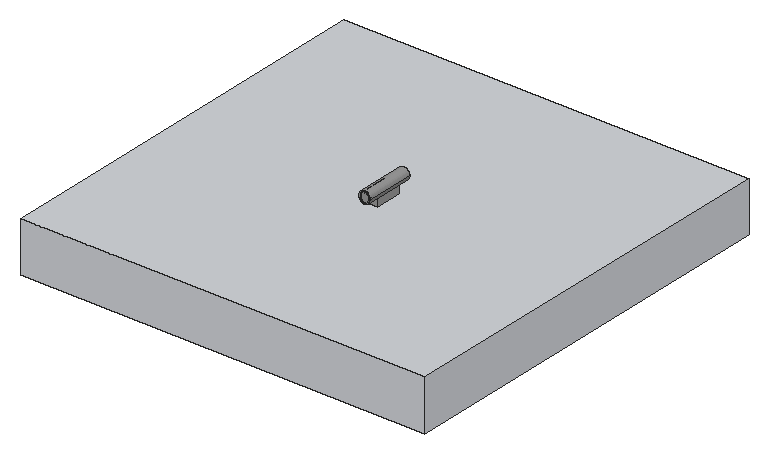
Revit family "LAMP_LUP WALL 70 DIRECT", category Luminarias, Revit 2018 (continued)
Types (2, lengths in mm): name | built-in parameter 1150107 | Product datasheet | Product code | built-in parameter 1150142 | built-in parameter 1150105 | built-in parameter 1150106 | Lumens | built-in parameter 1150104 | Efficacy | Archivo de red fotométrica
    .02 595.30 569.77 541.84 511.18 484.66 462.31 \r\n442.41 419.85 392.46 343.32 284.48 217.06 142.64 86.02 \r\n49.18 37.38 30.07 25.66 22.06 18.48 14.85 11.66 9.17 7.40 \r\n6.09 4.95 3.96 3.19 2.49 1.85 1.33 0.89 0.56 0.32 0.19 \r\n0.00 0.00 0.00 0.00 0.00 0.00 0.00 0.00 0.00 0.00 0.00 \r\n0.00 0.00 0.00 0.00 0.00 0.00 0.00 0.00 0.00 0.00 0.00 \r\n0.00 0.00 0.00 0.00 0.00 0.00 0.00 0.00 0.00 0.00 0.00 \r\n0.00 0.00 0.00 0.00 0.00 0.00 0.00 0.00 0.00 0.00 0.00 \r\n0.00 0.00 \r\n482.70 534.12 574.81 610.19 635.33 654.03 665.37 665.40 \r\n655.20 637.42 613.56 586.00 556.13 523.12 494.55 471.12 \r\n450.83 428.97 403.91 355.76 297.14 229.11 151.99 92.02 \r\n51.66 38.76 30.95 26.52 22.91 19.25 15.49 12.11 9.47 7.58 \r\n6.22 5.05 4.03 3.24 2.52 1.86 1.34 0.90 0.56 0.32 0.19 \r\n0.00 0.00 0.00 0.00 0.00 0.00 0.00 0.00 0.00 0.00 0.00 \r\n0.00 0.00 0.00 0.00 0.00 0.00 0.00 0.00 0.00 0.00 0.00 \r\n0.00 0.00 0.00 0.00 0.00 0.00 0.00 0.00 0.00 0.00 0.00 \r\n0.00 0.00 0.00 0.00 0.00 0.00 0.00 0.00 0.00 0.00 0.00 \r\n0.00 0.00 \r\n482.70 537.52 581.32 619.94 649.91 671.33 685.39 686.58 \r\n677.96 660.33 635.83 607.90 576.17 540.07 508.83 483.13 \r\n461.40 438.62 413.22 367.08 309.82 242.60 164.02 101.60 \r\n57.91 41.64 31.98 27.15 23.59 19.97 16.23 12.76 9.98 7.93 \r\n6.44 5.18 4.12 3.30 2.56 1.88 1.35 0.90 0.56 0.32 0.19 \r\n0.00 0.00 0.00 0.00 0.00 0.00 0.00 0.00 0.00 0.00 0.00 \r\n0.00 0.00 0.00 0.00 0.00 0.00 0.00 0.00 0.00 0.00 0.00 \r\n0.00 0.00 0.00 0.00 0.00 0.00 0.00 0.00 0.00 0.00 0.00 \r\n0.00 0.00 0.00 0.00 0.00 0.00 0.00 0.00 0.00 0.00 0.00 \r\n0.00 0.00 \r\n482.70 540.88 587.78 629.47 664.53 690.30 707.14 709.77 \r\n702.42 685.72 661.51 632.53 599.53 559.72 525.12 496.83 \r\n472.78 448.56 422.54 378.26 322.63 256.20 176.38 111.57 \r\n64.48 44.75 33.01 27.76 24.25 20.69 16.97 13.41 10.51 \r\n8.32 6.68 5.32 4.19 3.36 2.60 1.93 1.37 0.92 0.56 0.33 \r\n0.19 0.00 0.00 0.00 0.00 0.00 0.00 0.00 0.00 0.00 0.00 \r\n0.00 0.00 0.00 0.00 0.00 0.00 0.00 0.00 0.00 0.00 0.00 \r\n0.00 0.00 0.00 0.00 0.00 0.00 0.00 0.00 0.00 0.00 0.00 \r\n0.00 0.00 0.00 0.00 0.00 0.00 0.00 0.00 0.00 0.00 0.00 \r\n0.00 0.00 0.00 \r\n482.70 544.18 594.15 638.97 679.20 709.39 729.72 733.54 \r\n727.35 711.82 687.12 657.00 621.88 578.90 541.00 509.99 \r\n483.82 458.38 432.60 389.50 335.35 270.40 188.81 121.65 \r\n71.19 47.84 34.06 28.38 24.91 21.41 17.71 14.07 11.04 \r\n8.64 6.91 5.46 4.29 3.42 2.65 1.95 1.39 0.93 0.56 0.33 \r\n0.19 0.00 0.00 0.00 0.00 0.00 0.00 0.00 0.00 0.00 0.00 \r\n0.00 0.00 0.00 0.00 0.00 0.00 0.00 0.00 0.00 0.00 0.00 \r\n0.00 0.00 0.00 0.00 0.00 0.00 0.00 0.00 0.00 0.00 0.00 \r\n0.00 0.00 0.00 0.00 0.00 0.00 0.00 0.00 0.00 0.00 0.00 \r\n0.00 0.00 0.00 \r\n482.70 547.40 600.46 648.46 693.88 728.56 752.05 756.91 \r\n751.90 737.09 712.61 682.25 644.97 598.04 557.32 523.50 \r\n494.86 468.20 442.38 400.77 348.05 283.87 201.20 131.62 \r\n77.32 50.94 35.09 28.99 25.57 22.13 18.46 14.73 11.58 \r\n9.05 7.15 5.60 4.36 3.48 2.69 1.97 1.41 0.94 0.57 0.34 \r\n0.19 0.00 0.00 0.00 0.00 0.00 0.00 0.00 0.00 0.00 0.00 \r\n0.00 0.00 0.00 0.00 0.00 0.00 0.00 0.00 0.00 0.00 0.00 \r\n0.00 0.00 0.00 0.00 0.00 0.00 0.00 0.00 0.00 0.00 0.00 \r\n0.00 0.00 0.00 0.00 0.00 0.00 0.00 0.00 0.00 0.00 0.00 \r\n0.00 0.00 0.00 \r\n482.70 550.54 606.68 657.92 708.34 747.42 772.65 779.99 \r\n776.78 763.78 738.47 706.19 667.78 617.44 573.02 537.01 \r\n506.10 478.14 451.42 412.02 360.74 297.18 213.59 141.60 \r\n83.66 53.96 36.16 29.50 26.23 22.85 19.20 15.40 12.11 \r\n9.43 7.38 5.74 4.46 3.54 2.73 2.01 1.43 0.95 0.58 0.34 \r\n0.20 0.00 0.00 0.00 0.00 0.00 0.00 0.00 0.00 0.00 0.00 \r\n0.00 0.00 0.00 0.00 0.00 0.00 0.00 0.00 0.00 0.00 0.00 \r\n0.00 0.00 0.00 0.00 0.00 0.00 0.00 0.00 0.00 0.00 0.00 \r\n0.00 0.00 0.00 0.00 0.00 0.00 0.00 0.00 0.00 0.00 0.00 \r\n0.00 0.00 0.00 \r\n482.70 553.61 612.80 667.44 723.39 766.15 794.50 803.86 \r\n801.63 788.55 763.66 731.76 690.37 636.86 589.19 549.86 \r\n517.24 488.03 460.82 423.25 373.43 310.79 225.98 151.56 \r\n91.02 57.04 37.18 30.19 26.89 23.56 19.93 16.06 12.65 \r\n9.80 7.62 5.88 4.55 3.60 2.77 2.04 1.45 0.96 0.59 0.34 \r\n0.20 0.00 0.00 0.00 0.00 0.00 0.00 0.00 0.00 0.00 0.00 \r\n0.00 0.00 0.00 0.00 0.00 0.00 0.00 0.00 0.00 0.00 0.00 \r\n0.00 0.00 0.00 0.00 0.00 0.00 0.00 0.00 0.00 0.00 0.00 \r\n0.00 0.00 0.00 0.00 0.00 0.00 0.00 0.00 0.00 0.00 0.00 \r\n0.00 0.00 0.00 \r\n482.70 556.58 618.83 677.51 738.39 785.34 817.60 828.79 \r\n827.82 814.83 791.06 755.63 713.94 655.63 605.48 563.48 \r\n528.35 497.85 470.35 434.48 386.13 324.52 238.33 161.69 \r\n97.63 60.15 38.23 30.64 27.54 24.29 20.67 16.72 13.18 \r\n10.17 7.85 6.01 4.61 3.67 2.82 2.07 1.47 0.98 0.60 0.34 \r\n0.20 0.00 0.00 0.00 0.00 0.00 0.00 0.00 0.00 0.00 0.00 \r\n0.00 0.00 0.00 0.00 0.00 0.00 0.00 0.00 0.00 0.00 0.00 \r\n0.00 0.00 0.00 0.00 0.00 0.00 0.00 0.00 0.00 0.00 0.00 \r\n0.00 0.00 0.00 0.00 0.00 0.00 0.00 0.00 0.00 0.00 0.00 \r\n0.00 0.00 0.00 \r\n482.70 559.48 624.62 687.47 753.30 805.07 841.66 856.98 \r\n860.00 849.65 826.42 791.99 746.32 685.65 629.17 583.72 \r\n544.99 511.10 481.75 446.14 398.31 337.19 249.91 171.47 \r\n104.47 63.78 39.71 31.11 28.05 24.86 21.33 17.35 13.74 \r\n10.62 8.16 6.20 4.71 3.73 2.86 2.09 1.49 0.99 0.60 0.35 \r\n0.20 0.00 0.00 0.00 0.00 0.00 0.00 0.00 0.00 0.00 0.00 \r\n0.00 0.00 0.00 0.00 0.00 0.00 0.00 0.00 0.00 0.00 0.00 \r\n0.00 0.00 0.00 0.00 0.00 0.00 0.00 0.00 0.00 0.00 0.00 \r\n0.00 0.00 0.00 0.00 0.00 0.00 0.00 0.00 0.00 0.00 0.00 \r\n0.00 0.00 0.00 \r\n482.70 562.28 630.41 697.31 768.11 825.32 866.75 888.72 \r\n897.46 893.23 871.80 836.69 791.70 723.58 662.65 610.27 \r\n566.34 528.00 495.00 458.23 409.95 348.80 260.92 180.84 \r\n111.87 68.14 41.73 31.71 28.40 25.31 21.88 17.95 14.33 \r\n11.15 8.55 6.45 4.86 3.80 2.89 2.11 1.50 1.00 0.62 0.35 \r\n0.21 0.00 0.00 0.00 0.00 0.00 0.00 0.00 0.00 0.00 0.00 \r\n0.00 0.00 0.00 0.00 0.00 0.00 0.00 0.00 0.00 0.00 0.00 \r\n0.00 0.00 0.00 0.00 0.00 0.00 0.00 0.00 0.00 0.00 0.00 \r\n0.00 0.00 0.00 0.00 0.00 0.00 0.00 0.00 0.00 0.00 0.00 \r\n0.00 0.00 0.00 \r\n482.70 564.98 636.07 706.90 782.82 846.02 893.11 921.68 \r\n936.54 938.95 917.18 883.90 834.35 762.63 695.82 636.74 \r\n587.81 545.09 508.29 470.34 421.60 360.51 271.89 190.33 \r\n118.48 72.42 43.69 31.91 28.75 25.75 22.45 18.54 14.92 \r\n11.69 8.94 6.70 4.98 3.86 2.93 2.13 1.51 1.01 0.62 0.36 \r\n0.21 0.00 0.00 0.00 0.00 0.00 0.00 0.00 0.00 0.00 0.00 \r\n0.00 0.00 0.00 0.00 0.00 0.00 0.00 0.00 0.00 0.00 0.00 \r\n0.00 0.00 0.00 0.00 0.00 0.00 0.00 0.00 0.00 0.00 0.00 \r\n0.00 0.00 0.00 0.00 0.00 0.00 0.00 0.00 0.00 0.00 0.00 \r\n0.00 0.00 0.00 \r\n482.70 567.59 641.59 716.30 797.43 866.59 920.67 954.92 \r\n975.83 981.19 963.51 928.78 880.29 801.52 728.13 663.98 \r\n609.42 562.23 521.50 482.44 433.23 372.65 282.78 199.82 \r\n125.97 76.73 45.68 32.57 29.10 26.20 23.02 19.13 15.50 \r\n12.20 9.33 6.94 5.06 3.93 2.96 2.14 1.53 1.02 0.63 0.37 \r\n0.21 0.00 0.00 0.00 0.00 0.00 0.00 0.00 0.00 0.00 0.00 \r\n0.00 0.00 0.00 0.00 0.00 0.00 0.00 0.00 0.00 0.00 0.00 \r\n0.00 0.00 0.00 0.00 0.00 0.00 0.00 0.00 0.00 0.00 0.00 \r\n0.00 0.00 0.00 0.00 0.00 0.00 0.00 0.00 0.00 0.00 0.00 \r\n0.00 0.00 0.00 \r\n482.70 570.09 646.98 725.49 812.29 886.93 946.60 988.16 \r\n1015.06 1025.28 1009.29 975.45 922.55 840.12 761.55 \r\n690.75 630.73 579.13 534.68 494.53 444.85 384.56 293.67 \r\n209.21 133.59 81.07 47.62 33.00 29.45 26.63 23.56 19.72 \r\n16.09 12.71 9.71 7.19 5.23 4.00 3.00 2.18 1.54 1.03 0.62 \r\n0.37 0.22 0.00 0.00 0.00 0.00 0.00 0.00 0.00 0.00 0.00 \r\n0.00 0.00 0.00 0.00 0.00 0.00 0.00 0.00 0.00 0.00 0.00 \r\n0.00 0.00 0.00 0.00 0.00 0.00 0.00 0.00 0.00 0.00 0.00 \r\n0.00 0.00 0.00 0.00 0.00 0.00 0.00 0.00 0.00 0.00 0.00 \r\n0.00 0.00 0.00 0.00 \r\n482.70 572.50 652.21 734.48 826.90 907.30 972.11 1021.23 \r\n1054.14 1070.62 1055.28 1021.13 969.37 878.79 794.22 \r\n717.52 652.09 596.06 548.07 506.61 456.45 395.19 304.65 \r\n218.74 140.85 85.33 49.59 33.32 29.81 27.08 24.09 20.32 \r\n16.68 13.26 10.10 7.44 5.29 4.06 3.04 2.20 1.55 1.04 0.64 \r\n0.38 0.22 0.00 0.00 0.00 0.00 0.00 0.00 0.00 0.00 0.00 \r\n0.00 0.00 0.00 0.00 0.00 0.00 0.00 0.00 0.00 0.00 0.00 \r\n0.00 0.00 0.00 0.00 0.00 0.00 0.00 0.00 0.00 0.00 0.00 \r\n0.00 0.00 0.00 0.00 0.00 0.00 0.00 0.00 0.00 0.00 0.00 \r\n0.00 0.00 0.00 0.00 \r\n482.70 574.80 657.28 743.24 841.22 927.67 998.35 1054.42 \r\n1093.30 1113.39 1101.53 1066.97 1010.20 917.99 827.53 \r\n743.77 673.84 613.11 561.28 518.69 468.08 406.82 315.52 \r\n228.13 148.06 89.62 51.56 33.78 30.15 27.52 24.64 20.92 \r\n17.26 13.79 10.49 7.69 5.47 4.13 3.07 2.20 1.57 1.05 0.66 \r\n0.39 0.23 0.00 0.00 0.00 0.00 0.00 0.00 0.00 0.00 0.00 \r\n0.00 0.00 0.00 0.00 0.00 0.00 0.00 0.00 0.00 0.00 0.00 \r\n0.00 0.00 0.00 0.00 0.00 0.00 0.00 0.00 0.00 0.00 0.00 \r\n0.00 0.00 0.00 0.00 0.00 0.00 0.00 0.00 0.00 0.00 0.00 \r\n0.00 0.00 0.00 0.00 \r\n482.70 576.94 662.19 752.06 855.24 947.08 1024.38 1087.81 \r\n1133.43 1158.33 1149.69 1116.42 1057.98 958.98 861.79 \r\n772.03 696.03 630.74 574.78 530.75 479.55 417.90 326.17 \r\n237.44 155.27 94.01 53.69 34.45 30.56 28.00 25.24 21.51 \r\n17.85 14.32 10.88 7.94 5.58 4.20 3.11 2.23 1.59 1.06 0.67 \r\n0.39 0.23 0.00 0.00 0.00 0.00 0.00 0.00 0.00 0.00 0.00 \r\n0.00 0.00 0.00 0.00 0.00 0.00 0.00 0.00 0.00 0.00 0.00 \r\n0.00 0.00 0.00 0.00 0.00 0.00 0.00 0.00 0.00 0.00 0.00 \r\n0.00 0.00 0.00 0.00 0.00 0.00 0.00 0.00 0.00 0.00 0.00 \r\n0.00 0.00 0.00 0.00 \r\n482.70 578.90 666.92 760.72 867.65 964.97 1050.15 1121.48 \r\n1174.30 1207.41 1200.33 1168.34 1111.63 1006.68 903.09 \r\n804.55 722.67 651.15 591.12 543.39 490.08 428.05 334.94 \r\n245.22 161.95 99.20 57.02 35.60 31.39 28.69 25.89 22.13 \r\n18.44 14.86 11.31 8.26 5.72 4.29 3.15 2.26 1.60 1.07 0.68 \r\n0.40 0.23 0.00 0.00 0.00 0.00 0.00 0.00 0.00 0.00 0.00 \r\n0.00 0.00 0.00 0.00 0.00 0.00 0.00 0.00 0.00 0.00 0.00 \r\n0.00 0.00 0.00 0.00 0.00 0.00 0.00 0.00 0.00 0.00 0.00 \r\n0.00 0.00 0.00 0.00 0.00 0.00 0.00 0.00 0.00 0.00 0.00 \r\n0.00 0.00 0.00 0.00 \r\n482.70 580.77 671.48 768.73 879.61 982.85 1075.93 1155.39 \r\n1215.50 1254.94 1253.41 1224.17 1163.95 1056.58 946.06 \r\n840.67 749.82 672.27 607.22 556.05 500.34 438.20 343.50 \r\n252.77 168.47 104.42 60.56 35.80 32.29 29.42 26.53 22.77 \r\n19.02 15.40 11.77 8.58 5.99 4.39 3.19 2.27 1.61 1.08 0.69 \r\n0.40 0.24 0.00 0.00 0.00 0.00 0.00 0.00 0.00 0.00 0.00 \r\n0.00 0.00 0.00 0.00 0.00 0.00 0.00 0.00 0.00 0.00 0.00 \r\n0.00 0.00 0.00 0.00 0.00 0.00 0.00 0.00 0.00 0.00 0.00 \r\n0.00 0.00 0.00 0.00 0.00 0.00 0.00 0.00 0.00 0.00 0.00 \r\n0.00 0.00 0.00 0.00 \r\n482.70 582.52 675.41 776.49 891.20 1000.64 1100.82 \r\n1189.03 1256.98 1300.51 1306.37 1279.96 1221.67 1106.89 \r\n989.40 874.70 777.20 693.38 623.84 568.66 510.63 446.29 \r\n352.18 260.49 174.64 109.66 64.03 37.96 33.17 30.15 27.26 \r\n23.39 19.62 15.95 12.20 8.90 6.16 4.49 3.23 2.28 1.62 \r\n1.09 0.69 0.41 0.24 0.00 0.00 0.00 0.00 0.00 0.00 0.00 \r\n0.00 0.00 0.00 0.00 0.00 0.00 0.00 0.00 0.00 0.00 0.00 \r\n0.00 0.00 0.00 0.00 0.00 0.00 0.00 0.00 0.00 0.00 0.00 \r\n0.00 0.00 0.00 0.00 0.00 0.00 0.00 0.00 0.00 0.00 0.00 \r\n0.00 0.00 0.00 0.00 0.00 0.00 \r\n482.70 584.16 678.96 783.94 902.40 1018.09 1125.49 \r\n1222.83 1298.46 1347.87 1359.23 1335.23 1278.07 1157.03 \r\n1032.58 910.16 804.39 714.49 639.92 581.26 520.99 456.09 \r\n360.72 268.18 180.82 114.99 67.51 39.51 34.06 30.87 27.87 \r\n24.02 20.20 16.48 12.65 9.24 6.25 4.59 3.27 2.28 1.63 \r\n1.10 0.70 0.41 0.24 0.00 0.00 0.00 0.00 0.00 0.00 0.00 \r\n0.00 0.00 0.00 0.00 0.00 0.00 0.00 0.00 0.00 0.00 0.00 \r\n0.00 0.00 0.00 0.00 0.00 0.00 0.00 0.00 0.00 0.00 0.00 \r\n0.00 0.00 0.00 0.00 0.00 0.00 0.00 0.00 0.00 0.00 0.00 \r\n0.00 0.00 0.00 0.00 0.00 0.00 \r\n482.70 585.69 682.31 791.10 913.14 1035.42 1150.44 \r\n1256.76 1340.15 1397.32 1412.19 1390.80 1329.00 1206.87 \r\n1075.53 945.25 831.66 735.61 656.80 593.87 531.18 465.61 \r\n369.22 275.72 188.16 120.33 71.06 40.01 34.94 31.60 28.56 \r\n24.65 20.79 17.03 13.11 9.55 6.53 4.68 3.31 2.32 1.64 \r\n1.11 0.70 0.42 0.24 0.00 0.00 0.00 0.00 0.00 0.00 0.00 \r\n0.00 0.00 0.00 0.00 0.00 0.00 0.00 0.00 0.00 0.00 0.00 \r\n0.00 0.00 0.00 0.00 0.00 0.00 0.00 0.00 0.00 0.00 0.00 \r\n0.00 0.00 0.00 0.00 0.00 0.00 0.00 0.00 0.00 0.00 0.00 \r\n0.00 0.00 0.00 0.00 0.00 0.00 \r\n482.70 587.11 685.46 797.93 923.09 1052.69 1173.97 \r\n1290.57 1381.05 1447.38 1465.27 1446.36 1384.96 1256.95 \r\n1118.60 978.83 858.93 756.79 672.07 606.53 541.58 474.55 \r\n377.90 283.40 194.11 125.55 74.48 42.11 35.83 32.33 29.25 \r\n25.28 21.38 17.58 13.55 9.88 6.77 4.78 3.35 2.35 1.65 \r\n1.12 0.71 0.43 0.24 0.00 0.00 0.00 0.00 0.00 0.00 0.00 \r\n0.00 0.00 0.00 0.00 0.00 0.00 0.00 0.00 0.00 0.00 0.00 \r\n0.00 0.00 0.00 0.00 0.00 0.00 0.00 0.00 0.00 0.00 0.00 \r\n0.00 0.00 0.00 0.00 0.00 0.00 0.00 0.00 0.00 0.00 0.00 \r\n0.00 0.00 0.00 0.00 0.00 0.00 \r\n482.70 588.31 688.39 803.87 932.40 1068.30 1195.82 \r\n1322.38 1418.26 1494.40 1514.56 1502.06 1441.36 1307.13 \r\n1160.33 1014.19 886.24 777.48 689.82 619.05 551.84 484.23 \r\n386.30 291.03 201.15 130.93 78.02 43.34 36.71 33.06 29.87 \r\n25.91 21.97 18.10 13.98 10.20 6.96 4.88 3.39 2.37 1.67 \r\n1.12 0.72 0.43 0.25 0.00 0.00 0.00 0.00 0.00 0.00 0.00 \r\n0.00 0.00 0.00 0.00 0.00 0.00 0.00 0.00 0.00 0.00 0.00 \r\n0.00 0.00 0.00 0.00 0.00 0.00 0.00 0.00 0.00 0.00 0.00 \r\n0.00 0.00 0.00 0.00 0.00 0.00 0.00 0.00 0.00 0.00 0.00 \r\n0.00 0.00 0.00 0.00 0.00 0.00 \r\n482.70 589.17 691.11 808.03 941.07 1078.39 1216.81 \r\n1342.80 1452.73 1522.18 1557.31 1539.45 1486.92 1343.00 \r\n1194.52 1040.86 906.30 793.35 700.91 627.91 558.65 490.56 \r\n391.79 295.42 204.61 134.22 80.29 42.78 37.58 33.74 30.49 \r\n26.45 22.43 18.52 14.33 10.46 7.07 4.96 3.42 2.39 1.67 \r\n1.13 0.73 0.43 0.25 0.00 0.00 0.00 0.00 0.00 0.00 0.00 \r\n0.00 0.00 0.00 0.00 0.00 0.00 0.00 0.00 0.00 0.00 0.00 \r\n0.00 0.00 0.00 0.00 0.00 0.00 0.00 0.00 0.00 0.00 0.00 \r\n0.00 0.00 0.00 0.00 0.00 0.00 0.00 0.00 0.00 0.00 0.00 \r\n0.00 0.00 0.00 0.00 0.00 0.00 \r\n482.70 589.92 693.60 811.69 948.75 1087.65 1229.88 \r\n1361.72 1471.00 1548.02 1582.27 1570.16 1509.71 1370.66 \r\n1216.98 1058.58 919.90 803.21 706.59 632.58 562.14 492.34 \r\n393.83 297.28 207.37 135.53 81.36 45.98 38.42 34.37 31.09 \r\n26.86 22.79 18.84 14.58 10.64 7.12 5.02 3.45 2.40 1.68 \r\n1.13 0.73 0.43 0.25 0.00 0.00 0.00 0.00 0.00 0.00 0.00 \r\n0.00 0.00 0.00 0.00 0.00 0.00 0.00 0.00 0.00 0.00 0.00 \r\n0.00 0.00 0.00 0.00 0.00 0.00 0.00 0.00 0.00 0.00 0.00 \r\n0.00 0.00 0.00 0.00 0.00 0.00 0.00 0.00 0.00 0.00 0.00 \r\n0.00 0.00 0.00 0.00 0.00 0.00 \r\n482.70 590.55 695.85 814.86 954.01 1096.07 1240.65 \r\n1377.28 1489.08 1569.54 1607.29 1597.34 1534.94 1396.43 \r\n1239.22 1074.92 933.52 812.96 714.97 637.16 565.42 496.04 \r\n395.77 298.95 208.76 137.00 82.50 47.12 39.24 35.01 31.54 \r\n27.29 23.15 19.17 14.83 10.83 7.17 5.08 3.47 2.40 1.68 \r\n1.13 0.73 0.43 0.24 0.00 0.00 0.00 0.00 0.00 0.00 0.00 \r\n0.00 0.00 0.00 0.00 0.00 0.00 0.00 0.00 0.00 0.00 0.00 \r\n0.00 0.00 0.00 0.00 0.00 0.00 0.00 0.00 0.00 0.00 0.00 \r\n0.00 0.00 0.00 0.00 0.00 0.00 0.00 0.00 0.00 0.00 0.00 \r\n0.00 0.00 0.00 0.00 0.00 0.00 \r\n482.70 591.07 697.77 817.54 958.73 1103.93 1250.74 \r\n1391.58 1507.47 1591.66 1632.40 1624.10 1562.07 1422.24 \r\n1261.36 1092.69 947.00 822.63 722.36 642.11 568.67 499.37 \r\n398.05 300.80 209.98 138.34 83.65 47.17 40.07 35.65 32.02 \r\n27.71 23.51 19.50 15.07 11.00 7.34 5.14 3.50 2.40 1.69 \r\n1.13 0.74 0.43 0.24 0.00 0.00 0.00 0.00 0.00 0.00 0.00 \r\n0.00 0.00 0.00 0.00 0.00 0.00 0.00 0.00 0.00 0.00 0.00 \r\n0.00 0.00 0.00 0.00 0.00 0.00 0.00 0.00 0.00 0.00 0.00 \r\n0.00 0.00 0.00 0.00 0.00 0.00 0.00 0.00 0.00 0.00 0.00 \r\n0.00 0.00 0.00 0.00 0.00 0.00 \r\n482.70 591.48 698.71 819.75 962.89 1111.16 1261.59 \r\n1405.97 1525.52 1614.09 1657.40 1651.03 1590.43 1447.96 \r\n1283.43 1111.49 960.38 832.42 729.16 646.87 572.24 500.93 \r\n400.17 302.77 212.55 139.63 84.71 46.90 40.91 36.29 32.53 \r\n28.15 23.89 19.78 15.31 11.18 7.50 5.20 3.53 2.41 1.69 \r\n1.14 0.74 0.43 0.24 0.00 0.00 0.00 0.00 0.00 0.00 0.00 \r\n0.00 0.00 0.00 0.00 0.00 0.00 0.00 0.00 0.00 0.00 0.00 \r\n0.00 0.00 0.00 0.00 0.00 0.00 0.00 0.00 0.00 0.00 0.00 \r\n0.00 0.00 0.00 0.00 0.00 0.00 0.00 0.00 0.00 0.00 0.00 \r\n0.00 0.00 0.00 0.00 0.00 0.00 \r\n482.70 591.77 699.39 821.02 966.37 1117.70 1271.74 \r\n1420.51 1543.97 1636.59 1682.49 1678.20 1619.21 1473.35 \r\n1305.59 1129.81 973.72 842.25 735.74 651.70 575.62 503.20 \r\n402.27 304.61 214.74 141.02 85.81 48.55 41.74 36.93 33.06 \r\n28.58 24.24 20.08 15.56 11.36 7.65 5.26 3.56 2.41 1.69 \r\n1.14 0.74 0.43 0.24 0.00 0.00 0.00 0.00 0.00 0.00 0.00 \r\n0.00 0.00 0.00 0.00 0.00 0.00 0.00 0.00 0.00 0.00 0.00 \r\n0.00 0.00 0.00 0.00 0.00 0.0
    0 0.00 0.00 0.00 0.00 0.00 \r\n0.00 0.00 0.00 0.00 0.00 0.00 0.00 0.00 0.00 0.00 0.00 \r\n0.00 0.00 0.00 0.00 0.00 0.00 \r\n482.70 591.94 699.80 821.66 967.35 1120.62 1278.30 \r\n1432.36 1561.96 1658.95 1707.57 1705.07 1647.35 1498.82 \r\n1327.96 1147.82 987.06 852.02 742.12 656.49 579.12 505.90 \r\n404.30 306.30 216.61 142.34 86.89 50.23 42.58 37.57 33.58 \r\n29.01 24.60 20.38 15.80 11.53 7.77 5.32 3.58 2.42 1.70 \r\n1.14 0.75 0.43 0.24 0.00 0.00 0.00 0.00 0.00 0.00 0.00 \r\n0.00 0.00 0.00 0.00 0.00 0.00 0.00 0.00 0.00 0.00 0.00 \r\n0.00 0.00 0.00 0.00 0.00 0.00 0.00 0.00 0.00 0.00 0.00 \r\n0.00 0.00 0.00 0.00 0.00 0.00 0.00 0.00 0.00 0.00 0.00 \r\n0.00 0.00 0.00 0.00 0.00 0.00 \r\n482.70 592.00 699.93 821.88 967.68 1121.03 1278.74 \r\n1432.85 1562.25 1661.72 1712.87 1712.77 1657.38 1509.31 \r\n1338.24 1156.84 994.29 857.64 746.06 659.43 581.25 507.66 \r\n405.70 307.55 217.92 143.30 87.67 51.18 43.17 38.02 33.95 \r\n29.31 24.85 20.60 15.98 11.66 7.85 5.37 3.60 2.43 1.70 \r\n1.14 0.75 0.43 0.24 0.00 0.00 0.00 0.00 0.00 0.00 0.00 \r\n0.00 0.00 0.00 0.00 0.00 0.00 0.00 0.00 0.00 0.00 0.00 \r\n0.00 0.00 0.00 0.00 0.00 0.00 0.00 0.00 0.00 0.00 0.00 \r\n0.00 0.00 0.00 0.00 0.00 0.00 0.00 0.00 0.00 0.00 0.00 \r\n0.00 0.00 0.00 0.00 0.00 0.00 \r\n" | 56.119 (stored number, unit not read) | 0.56119 (stored number, unit not read) | 705.218 lm | 6.1808 (stored number, unit not read) | 66.53 lm/W | "LW170DR10AS40NB.IES"
